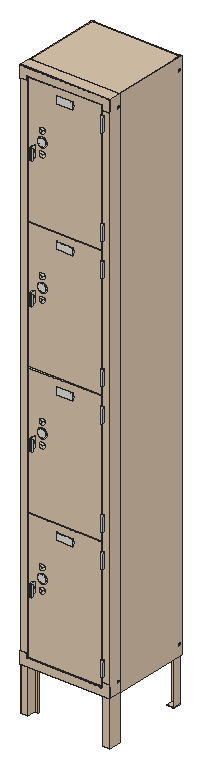
Revit family "Metal_Vented_Lockers-Salsbury_Industries-74000_Series-1_Wide_Units", category Specialty Equipment, Revit 2016 (continued)
Definition of nested family "Metal Locker Zee Base Corner"
  Parameters (values of type "77572, 77575, 77578")
    Width = 2.000"
    Visible = yes
    Version = "1.0 (11/30/15)"
    Type Comments = "Zee Base Kit for Standard Metal Lockers - No Legs"
    Primary Structure Material = none
    Model = "n/a"
    Manufacturer = "Salsbury Industries"
    Height = 3.940"
    Description = "4\" H x 6' L - for 12\" Deep Lockers (Includes 6 Foot Front Base, 2 End Bases, Corner Splicer and 4 Rear Legs)"
    Depth = 2.000"
  Types (2): name | Visible
    77572, 77575, 77578 | yes
    None | no
  Reference planes (in)
    plane 1 "Center (Front/Back)": y = 0
    plane 2 "Bottom of Component": z = 0
    plane 3 "Center (Left/Right)": x = 0
    plane 4: z = 3.94
    plane 5: x = -1
    plane 6: x = 1
    plane 7 "Front": y = -1
    plane 8 "Back": y = 1
  Forms (in)
    Extrusion 1, solid, material <- "Primary Structure Material", visible <- "Visible"
      sketch origin (0, 0, 0) x (1, 0, 0) y (0, 1, 0)
        loop
          line (-1, 1) -> (-1, 0.94) -> (0.94, 0.94) -> (0.94, -1) -> (1, -1) -> (1, 1) -> (-1, 1)
      from 0 to 3.94
  Dimensions and locks (in)
    "Height": plane 4 to plane 2 "Bottom of Component"
    equal spacing: plane 5, plane 3 "Center (Left/Right)", plane 6
    "Width": plane 5 to plane 6
    equal spacing: plane 7 "Front", plane 1 "Center (Front/Back)", plane 8 "Back"
    "Depth": plane 7 "Front" to plane 8 "Back"
    aligned and locked: plane 2 "Bottom of Component" to level
  Automatic sketch dimensions
    Extrusion 1 sketch curve to plane 5 = 0.000"
    plane 7 "Front" to Extrusion 1 sketch curve = 0.000"
    Extrusion 1 sketch curve to plane 6 = 0.000"
    plane 8 "Back" to Extrusion 1 sketch curve = 0.000"
    plane 6 to Extrusion 1 sketch curve = 0.060"
    Extrusion 1 sketch curve to Extrusion 1 sketch curve = 0.060"
Definition of nested family "Metal Locker End Panel"
  Parameters (values of type "77362 - for 6' H x 12" D Lockers")
    Width = 0.925"
    Visible = yes
    Version = "1.0 (11/30/15)"
    Type Comments = "Finished End Panel for Standard Metal Lockers"
    Primary Structure Material = none
    Model = "77362"
    MasterFormat Title = ""
    MasterFormat Number = ""
    Manufacturer = "Salsbury Industries"
    Height = 72.000"
    Description = "End Panel for 6' H x 12\" Deep Lockers"
    Depth = 12.010"
    Assembly Code = ""
  Types (7): name | Visible | Model | Height | Description | Depth
    77362 - for 6' H x 12" D Lockers | yes | "77362" | 72.000" | "End Panel for 6' H x 12\" Deep Lockers" | 12.010"
    77365 - for 6' H x 15" D Lockers | yes | "77365" | 72.000" | "End Panel for 6' H x 15\" Deep Lockers" | 15.010"
    77368 - for 6' H X 18" D Lockers | yes | "77368" | 72.000" | "End Panel for 6' H x 18\" Deep Lockers" | 18.010"
    77352 - for 5' H x 12" D Lockers | yes | "77352" | 60.000" | "End Panel for 5' H x 12\" Deep Lockers" | 12.010"
    77355 - for 5' H x 15" D Lockers | yes | "77355" | 60.000" | "End Panel for 5' H x 15\" Deep Lockers" | 15.010"
    77358 - for 5' H x 18" D Lockers | yes | "77358" | 60.000" | "End Panel for 5' H x 18\" Deep Lockers" | 18.010"
    None | no | "n/a" | 72.000" | "" | 12.010"
  Reference planes (in)
    plane 1 "Center (Front/Back)": y = -2.167
    plane 2: z = 0
    plane 3 "Center (Left/Right)": x = -4.595
    plane 4 "Bottom of Panel": z = 0
    plane 5 "Top of Panel": z = 72
    plane 6 "Front of Panel": y = -8.172
    plane 7 "Right Side of Enclosure": x = -4.1325
    plane 8 "Left Side of Enclosure": x = -5.0575
    plane 9 "Back of Panel": y = 3.838
    plane 10: z = 36
    plane 11: z = 70.283
    plane 12: z = 1.717
    plane 13 "Outside Edge of Front Flap": y = -8.23214
    plane 14 "Outside Edge of Back Flap": y = 3.898
  Forms (in)
    Extrusion 1, solid, material <- "Primary Structure Material", visible <- "Visible"
      sketch origin (-4.1325, 0.48244, 0) x (0, 0, -1) y (0, -1, 0)
        loop
          line (-72, 8.71458) -> (-72, -3.41556) -> (0, -3.41556) -> (0, 8.71458) -> (-72, 8.71458)
      from 0 to -0.06
    Extrusion 2, solid, material <- "Primary Structure Material", visible <- "Visible"
      sketch origin (0, 3.838, 0) x (0, 0, -1) y (1, 0, 0)
        loop
          line (-72, -5.0575) -> (0, -5.0575) -> (0, -4.1325) -> (-72, -4.1325) -> (-72, -5.0575)
      from 0 to -0.06
    Extrusion 3, solid, material <- "Primary Structure Material", visible <- "Visible"
      sketch origin (0, -8.172, 0) x (1, 0, 0) y (0, 0, 1)
        loop
          line (-5.0575, 70.283) -> (-5.0575, 1.717) -> (-4.1325, 1.717) -> (-4.1325, 70.283) -> (-5.0575, 70.283)
      from 0.06014 to 0
  Dimensions and locks (in)
    equal spacing: plane 6 "Front of Panel", plane 1 "Center (Front/Back)", plane 9 "Back of Panel"
    "Depth": plane 6 "Front of Panel" to plane 9 "Back of Panel"
    equal spacing: plane 8 "Left Side of Enclosure", plane 3 "Center (Left/Right)", plane 7 "Right Side of Enclosure"
    "Width": plane 8 "Left Side of Enclosure" to plane 7 "Right Side of Enclosure"
    equal spacing: plane 5 "Top of Panel", plane 10, plane 2
    "Height": plane 5 "Top of Panel" to plane 2
    locked: plane 5 "Top of Panel" to plane 11 at 1.717
    locked: plane 13 "Outside Edge of Front Flap" to plane 6 "Front of Panel" at 0.06014
    locked: plane 9 "Back of Panel" to plane 14 "Outside Edge of Back Flap" at 0.06
    aligned and locked: level to plane 2
    aligned and locked: plane 5 "Top of Panel" to Extrusion 1 sketch curve
    aligned and locked: plane 5 "Top of Panel" to Extrusion 2 sketch curve
    aligned and locked: Extrusion 2 to plane 9 "Back of Panel"
    aligned and locked: plane 11 to Extrusion 3 sketch curve
    aligned and locked: plane 6 "Front of Panel" to Extrusion 3
    aligned and locked: plane 14 "Outside Edge of Back Flap" to Extrusion 2
    aligned and locked: Extrusion 1 to plane 14 "Outside Edge of Back Flap"
    aligned and locked: plane 13 "Outside Edge of Front Flap" to Extrusion 3
    aligned and locked: Extrusion 2 to plane 7 "Right Side of Enclosure"
    aligned and locked: Extrusion 3 to plane 7 "Right Side of Enclosure"
  Automatic sketch dimensions
    Extrusion 1 sketch curve to level = 0.000"
    Extrusion 2 sketch curve to level = 0.000"
    plane 8 "Left Side of Enclosure" to Extrusion 2 sketch curve = 0.000"
    plane 7 "Right Side of Enclosure" to Extrusion 2 sketch curve = 0.000"
    plane 8 "Left Side of Enclosure" to Extrusion 3 sketch curve = 0.000"
    Extrusion 3 sketch curve to plane 12 = 0.000"
    plane 7 "Right Side of Enclosure" to Extrusion 3 sketch curve = 0.000"
    Extrusion 1 sketch curve to plane 14 "Outside Edge of Back Flap" = 0.000"
    plane 6 "Front of Panel" to Extrusion 1 sketch curve = 0.06014"
Definition of nested family "Metal Locker Front Filler"
  Parameters (values of type "77869 - for 6' H Lockers (Zee Base or No Legs)")
    Width = 9.000"
    Visible = yes
    Version = "1.0 (11/30/15)"
    Type Comments = "Vertical Front Filler for Standard Metal Lockers"
    Primary Structure Material = none
    Model = "77865"
    MasterFormat Title = ""
    MasterFormat Number = ""
    Manufacturer = "Salsbury Industries"
    Height = 72.000"
    Description = "9\" W Vertical Front Filler for 6' H Lockers"
    Depth = 1.500"
    Assembly Code = ""
  Types (9): name | Width | Visible | Model | Height | Description | Depth
    77865 - for 6' H Lockers with Legs | 15.000" | yes | "77865" | 78.000" | "15\" W Vertical Front Filler for 6' H Lockers" | 1.000"
    77869 - for 6' H Lockers with Legs | 9.000" | yes | "77865" | 78.000" | "9\" W Vertical Front Filler for 6' H Lockers" | 1.000"
    77855 - for 5' H Lockers with Legs | 15.000" | yes | "77855" | 66.000" | "15\" W Vertical Front Filler for 5' H Lockers" | 1.000"
    77859 - for 5' H Lockers with Legs | 9.000" | yes | "77859" | 66.000" | "9\" W Vertical Front Filler for 5' H Lockers" | 1.000"
    None | 15.000" | no | "n/a" | 78.000" | "" | 1.500"
    77865 - for 6' H Lockers (Zee Base or No Legs) | 15.000" | yes | "77865" | 72.000" | "15\" W Vertical Front Filler for 6' H Lockers" | 1.000"
    77869 - for 6' H Lockers (Zee Base or No Legs) | 9.000" | yes | "77865" | 72.000" | "9\" W Vertical Front Filler for 6' H Lockers" | 1.500"
    77859 - for 5' H Lockers (Zee Base or No Legs) | 9.000" | yes | "77859" | 60.000" | "9\" W Vertical Front Filler for 5' H Lockers" | 1.000"
    77855 - for 5' H Lockers (Zee Base or No Legs) | 15.000" | yes | "77855" | 60.000" | "15\" W Vertical Front Filler for 5' H Lockers" | 1.000"
  Reference planes (in)
    plane 1 "Center (Front/Back)": y = -2.167
    plane 2: z = 0
    plane 3 "Center (Left/Right)": x = -4.595
    plane 4 "Bottom of Filler": z = 0
    plane 5 "Top of Panel": z = 72
    plane 6 "Front of Filler": y = -2.917
    plane 7 "Right Side of Filler": x = -0.095
    plane 8 "Left Side of Filler": x = -9.095
    plane 9 "Back of Filler": y = -1.417
    plane 10: z = 36
  Forms (in)
    Extrusion 1, solid, material <- "Primary Structure Material", visible <- "Visible"
      sketch origin (0, 0, 0) x (0, -1, 0) y (1, 0, 0)
        loop
          line (1.417, -9.095) -> (2.917, -9.095) -> (2.917, -1.095) -> (2.869, -1.095) -> (2.869, -9.047) -> (1.417, -9.047) -> (1.417, -9.095)
      from 0 to 72
    Extrusion 2, solid, material <- "Primary Structure Material", visible <- "Visible"
      sketch origin (0, -0.20425, 0) x (0, -1, 0) y (1, 0, 0)
        loop
          line (1.30875, -0.095) -> (1.30875, -0.143) -> (2.76075, -0.143) -> (2.76075, -1.595) -> (2.80875, -1.595) -> (2.80875, -0.095) -> (1.30875, -0.095)
      from 0 to 72
    Extrusion 3, solid, material <- "Primary Structure Material", visible <- "Visible"
      sketch origin (0, 0.10825, 0) x (0, -1, 0) y (1, 0, 0)
        loop
          line (3.07325, -1.595) -> (3.07325, -0.82524) -> (3.02525, -0.82524) -> (3.02525, -1.376) -> (3.02525, -1.449) -> (3.02525, -1.522) -> (3.02525, -1.595) -> (3.07325, -1.595)
      from 0 to 72
    Extrusion 4, solid, material <- "Primary Structure Material", visible <- "Visible"
      sketch origin (0, 0, 0) x (0, -1, 0) y (1, 0, 0)
        loop
          line (2.917, -0.82524) -> (2.821, -0.82524) -> (2.821, -1.80024) -> (2.869, -1.80024) -> (2.869, -0.87324) -> (2.917, -0.87324) -> (2.917, -0.82524)
      from 0 to 72
  Dimensions and locks (in)
    equal spacing: plane 6 "Front of Filler", plane 1 "Center (Front/Back)", plane 9 "Back of Filler"
    "Depth": plane 6 "Front of Filler" to plane 9 "Back of Filler"
    equal spacing: plane 8 "Left Side of Filler", plane 3 "Center (Left/Right)", plane 7 "Right Side of Filler"
    "Width": plane 8 "Left Side of Filler" to plane 7 "Right Side of Filler"
    equal spacing: plane 5 "Top of Panel", plane 10, plane 2
    "Height": plane 5 "Top of Panel" to plane 2
    aligned and locked: level to plane 2
    aligned and locked: Extrusion 1 to plane 5 "Top of Panel"
    aligned and locked: Extrusion 2 to plane 5 "Top of Panel"
    aligned and locked: Extrusion 3 to plane 5 "Top of Panel"
    aligned and locked: Extrusion 4 to plane 5 "Top of Panel"
  Automatic sketch dimensions
    plane 9 "Back of Filler" to Extrusion 1 sketch curve = 0.000"
    plane 6 "Front of Filler" to Extrusion 1 sketch curve = 0.000"
    Extrusion 1 sketch curve to plane 8 "Left Side of Filler" = 0.000"
    Extrusion 1 sketch curve to plane 6 "Front of Filler" = 0.048"
    Extrusion 1 sketch curve to Extrusion 1 sketch curve = 0.048"
    plane 7 "Right Side of Filler" to Extrusion 1 sketch curve = 1.000"
    Extrusion 2 sketch curve to plane 7 "Right Side of Filler" = 0.000"
    plane 7 "Right Side of Filler" to Extrusion 2 sketch curve = 0.048"
    plane 9 "Back of Filler" to Extrusion 2 sketch curve = 0.096"
    plane 6 "Front of Filler" to Extrusion 2 sketch curve = 0.048"
    Extrusion 2 sketch curve to Extrusion 2 sketch curve = 0.048"
    Extrusion 2 sketch curve to Extrusion 2 sketch curve = 1.452"
    plane 6 "Front of Filler" to Extrusion 3 sketch curve = 0.000"
    plane 7 "Right Side of Filler" to Extrusion 3 sketch curve = 1.500"
    Extrusion 3 sketch curve to Extrusion 3 sketch curve = 0.073"  (x3)
    Extrusion 3 sketch curve to Extrusion 3 sketch curve = 0.55076"
    Extrusion 3 sketch curve to Extrusion 3 sketch curve = 0.048"
    plane 6 "Front of Filler" to Extrusion 4 sketch curve = 0.000"
    Extrusion 4 sketch curve to plane 6 "Front of Filler" = 0.048"
    Extrusion 4 sketch curve to Extrusion 4 sketch curve = 0.048"  (x2)
    plane 7 "Right Side of Filler" to Extrusion 4 sketch curve = 1.70524"
    plane 7 "Right Side of Filler" to Extrusion 4 sketch curve = 0.77824"
Definition of nested family "Metal Locker Flat Top Filler"
  Parameters (values of type "77842 - for 12" Deep Lockers (15" W)")
    Width = 16.250"
    Visible = yes
    Version = "1.0 (11/30/15)"
    Type Comments = "Flat Top Filler for Standard Metal Lockers"
    Primary Structure Material = none
    Model = "77842"
    MasterFormat Title = ""
    MasterFormat Number = ""
    Manufacturer = "Salsbury Industries"
    Height = 1.003"
    Description = "15\"W Flat Top In-Line Filler"
    Depth = 12.118"
    Assembly Code = ""
  Types (7): name | Width | Visible | Model | Depth
    77842 - for 12" Deep Lockers (15" W) | 16.250" | yes | "77842" | 12.118"
    77842 - for 12" Deep Lockers (9" W) | 10.250" | yes | "77842" | 12.118"
    77845 - for 15" Deep Lockers (15" W) | 16.250" | yes | "77845" | 15.118"
    77845 - for 15" Deep Lockers (9" W) | 10.250" | yes | "77845" | 15.118"
    77848 - for 18" Deep Lockers (15" W) | 16.250" | yes | "77848" | 18.118"
    77848 - for 18" Deep Lockers (9" W) | 10.250" | yes | "77848" | 18.118"
    None | 16.250" | no | "" | 12.118"
  Reference planes (in)
    plane 1 "Center (Front/Back)": y = -2.167
    plane 2: z = 0
    plane 3 "Center (Left/Right)": x = -4.595
    plane 4 "Bottom of Panel": z = 0
    plane 5 "Top of Panel": z = 1.003
    plane 6 "Front of Panel": y = -8.226
    plane 7 "Right Side of Enclosure": x = 3.53
    plane 8 "Left Side of Enclosure": x = -12.72
    plane 9 "Back of Panel": y = 3.892
    plane 10: z = 0.5015
  Forms (in)
    Extrusion 1, solid, material <- "Primary Structure Material", visible <- "Visible"
      sketch origin (-4.595, 0, 0) x (0, 1, 0) y (0, 0, 1)
        loop
          line (-8.226, 0) -> (-8.178, 0) -> (-8.178, 0.955) -> (3.892, 0.955) -> (3.892, 1.003) -> (-8.226, 1.003) -> (-8.226, 0)
      from -8.125 to 8.125
  Dimensions and locks (in)
    equal spacing: plane 6 "Front of Panel", plane 1 "Center (Front/Back)", plane 9 "Back of Panel"
    "Depth": plane 6 "Front of Panel" to plane 9 "Back of Panel"
    equal spacing: plane 8 "Left Side of Enclosure", plane 3 "Center (Left/Right)", plane 7 "Right Side of Enclosure"
    "Width": plane 8 "Left Side of Enclosure" to plane 7 "Right Side of Enclosure"
    equal spacing: plane 5 "Top of Panel", plane 10, plane 2
    "Height": plane 5 "Top of Panel" to plane 2
    aligned and locked: level to plane 2
    aligned and locked: Extrusion 1 to plane 7 "Right Side of Enclosure"
    aligned and locked: plane 8 "Left Side of Enclosure" to Extrusion 1
    aligned and locked: plane 6 "Front of Panel" to Extrusion 1
    aligned and locked: Extrusion 1 to plane 9 "Back of Panel"
  Automatic sketch dimensions
    plane 5 "Top of Panel" to Extrusion 1 sketch curve = 0.000"
    Extrusion 1 sketch curve to plane 6 "Front of Panel" = 0.000"
    Extrusion 1 sketch curve to level = 0.000"
    Extrusion 1 sketch curve to plane 9 "Back of Panel" = 0.000"
    Extrusion 1 sketch curve to plane 6 "Front of Panel" = 0.048"
    plane 5 "Top of Panel" to Extrusion 1 sketch curve = 0.048"
Definition of nested family "Metal Locker Flat Corner Filler"
  Parameters (values of type "77832 - for 12" Deep Lockers")
    Width = 12.625"
    Visible = yes
    Version = "1.0 (11/30/15)"
    Type Comments = "Flat Top Corner Filler for Standard Metal Lockers"
    Primary Structure Material = none
    Model = "77832"
    MasterFormat Title = ""
    MasterFormat Number = ""
    Manufacturer = "Salsbury Industries"
    Height = 0.048"
    Description = "12\"W Flat Top Corner Filler"
    Depth = 12.625"
    Assembly Code = ""
  Types (4): name | Width | Visible | Model | Description | Depth
    77832 - for 12" Deep Lockers | 12.625" | yes | "77832" | "12\"W Flat Top Corner Filler" | 12.625"
    77835 - for 15" Deep Lockers | 15.625" | yes | "77835" | "15\"W Flat Top Corner Filler" | 15.625"
    77838 - for 18" Deep Lockers | 18.625" | yes | "77838" | "18\"W Flat Top Corner Filler" | 18.625"
    None | 12.625" | no | "" | "" | 12.625"
  Reference planes (in)
    plane 1 "Center (Front/Back)": y = -2.167
    plane 2: z = 0
    plane 3 "Center (Left/Right)": x = -4.595
    plane 4 "Bottom of Panel": z = 0
    plane 5 "Top of Panel": z = 0.048
    plane 6 "Front of Panel": y = -8.4795
    plane 7 "Right Side of Enclosure": x = 1.7175
    plane 8 "Left Side of Enclosure": x = -10.9075
    plane 9 "Back of Panel": y = 4.1455
    plane 10: z = 0.024
  Forms (in)
    Extrusion 1, solid, material <- "Primary Structure Material", visible <- "Visible"
      sketch origin (0, 0, 0) x (0, -1, 0) y (1, 0, 0)
        loop
          line (7.8545, -10.9075) -> (7.8545, -10.2825) -> (8.4795, -10.2825) -> (8.4795, 1.7175) -> (-4.1455, 1.7175) -> (-4.1455, -10.9075) -> (7.8545, -10.9075)
      from 0 to 0.048
  Dimensions and locks (in)
    equal spacing: plane 6 "Front of Panel", plane 1 "Center (Front/Back)", plane 9 "Back of Panel"
    "Depth": plane 6 "Front of Panel" to plane 9 "Back of Panel"
    equal spacing: plane 8 "Left Side of Enclosure", plane 3 "Center (Left/Right)", plane 7 "Right Side of Enclosure"
    "Width": plane 8 "Left Side of Enclosure" to plane 7 "Right Side of Enclosure"
    equal spacing: plane 5 "Top of Panel", plane 10, plane 2
    "Height": plane 5 "Top of Panel" to plane 2
    aligned and locked: level to plane 2
    aligned and locked: Extrusion 1 to plane 9 "Back of Panel"
    aligned and locked: plane 6 "Front of Panel" to Extrusion 1
    aligned and locked: Extrusion 1 to plane 7 "Right Side of Enclosure"
    aligned and locked: plane 8 "Left Side of Enclosure" to Extrusion 1
  Automatic sketch dimensions
    Extrusion 1 sketch curve to plane 8 "Left Side of Enclosure" = 0.000"
    plane 9 "Back of Panel" to Extrusion 1 sketch curve = 0.000"
    plane 6 "Front of Panel" to Extrusion 1 sketch curve = 0.000"
    Extrusion 1 sketch curve to plane 7 "Right Side of Enclosure" = 0.000"
    Extrusion 1 sketch curve to plane 8 "Left Side of Enclosure" = 0.625"
    Extrusion 1 sketch curve to plane 6 "Front of Panel" = 0.625"
Definition of nested family "Metal Locker Sloping Hood"
  Parameters (values of type "77752 - for 12" Deep Lockers (1 Wide)")
    Width = 12.040"
    Visible = yes
    Version = "1.0 (11/30/15)"
    Type Comments = "Sloping Hood for Standard Metal Lockers"
    Slope Angle = 28.761°
    Primary Structure Material = none
    Model = "77752"
    MasterFormat Title = ""
    MasterFormat Number = ""
    Manufacturer = "Salsbury Industries"
    Height = 6.625"
    Dividing Lines = no
    Description = "12\" Deep for up to (3) 12\" Wide Lockers"
    Depth = 12.070"
    Assembly Code = ""
  Types (12): name | Width | Visible | Slope Angle | Model | Height | Dividing Lines | Description | Depth
    77752 - for 12" Deep Lockers (1 Wide) | 12.040" | yes | 28.761° | "77752" | 6.625" | no | "12\" Deep for up to (3) 12\" Wide Lockers" | 12.070"
    77752 - for 12" Deep Lockers (3 Wide) | 36.040" | yes | 28.761° | "77752" | 6.625" | yes | "12\" Deep for up to (3) 12\" Wide Lockers" | 12.070"
    77755 - for 15" Deep Lockers (1 Wide) | 12.040" | yes | 29.946° | "77755" | 8.682" | no | "15\" Deep for up to (3) 12\" Wide Lockers" | 15.070"
    77755 - for 15" Deep Lockers (3 Wide) | 36.040" | yes | 29.946° | "77755" | 8.628" | yes | "15\" Deep for up to (3) 12\" Wide Lockers" | 15.070"
    77758 - for 18" Deep Lockers (1 Wide) | 12.040" | yes | 30.723° | "77758" | 10.739" | no | "18\" Deep for up to (3) 12\" Wide Lockers" | 18.070"
    77758 - for 18" Deep Lockers (3 Wide) | 36.040" | yes | 30.723° | "77758" | 10.739" | yes | "18\" Deep for up to (3) 12\" Wide Lockers" | 18.070"
    None | 12.000" | no | 28.761° | "" | 6.625" | no | "" | 12.070"
    77765 - for 15" Deep Lockers (1 Wide) | 15.040" | yes | 29.946° | "77752" | 6.625" | no | "12\" Deep for up to (3) 12\" Wide Lockers" | 15.070"
    77768 - for 18" Deep Lockers (1 Wide) | 15.040" | yes | 30.723° | "77752" | 6.625" | no | "12\" Deep for up to (3) 12\" Wide Lockers" | 18.070"
    77765 - for 15" Deep Lockers (3 Wide) | 45.040" | yes | 29.946° | "77752" | 6.625" | yes | "12\" Deep for up to (3) 12\" Wide Lockers" | 15.070"
    77768 - for 18" Deep Lockers (3 Wide) | 45.040" | yes | 30.723° | "77752" | 6.625" | yes | "12\" Deep for up to (3) 12\" Wide Lockers" | 18.070"
    77759 - for 18" Deep Bridge Lockers | 72.040" | yes | 30.723° | "77752" | 6.625" | no | "12\" Deep for up to (3) 12\" Wide Lockers" | 18.070"
  Reference planes (in)
    plane 1 "Center (Front/Back)": y = -2.167
    plane 2: z = 0
    plane 3 "Center (Left/Right)": x = -4.595
    plane 4 "Bottom of Panel": z = 0
    plane 5 "Top of Panel": z = 6.625
    plane 6 "Front of Panel": y = -8.202
    plane 7 "Right Side of Enclosure": x = 1.425
    plane 8 "Left Side of Enclosure": x = -10.615
    plane 9 "Back of Panel": y = 3.868
    plane 10: z = 3.3125
    plane 11: through (0, -7.81601, 0.21186) normal (0, -0.4812, 0.8766)
    plane 12: through (0, -7.94397, 0.10626) normal (0, -0.4812, 0.8766)
    plane 13: y = 3.837
    plane 14: y = 3.806
    plane 15: y = 3.775
    plane 16: y = 3.37433
    plane 17 "Divider 1": x = -6.60167
    plane 18 "Divider 2": x = -2.58833
  Forms (in)
    Extrusion 1, solid, material <- "Primary Structure Material", visible <- "Visible"
      sketch origin (1.425, 0, 0) x (0, 0, -1) y (0, -1, 0)
        loop
          line (-6.62484, -3.868) -> (0, -3.868) -> (0, 8.202) -> (-6.62484, -3.868)
      from 0 to 0.031
    Extrusion 2, solid, material <- "Primary Structure Material", visible <- "Visible"
      sketch origin (1.425, 0, 0) x (0, 0, -1) y (0, -1, 0)
        loop
          line (0, -3.868) -> (0, -3.837) -> (-6.60783, -3.837) -> (-6.62484, -3.868) -> (0, -3.868)
      from 0.03098 to 0.40598
    Extrusion 3, solid, material <- "Primary Structure Material", visible <- "Visible"
      sketch origin (1.425, 0, 0) x (0, 0, -1) y (0, -1, 0)
        loop
          line (0, -3.837) -> (0, 8.13757) -> (-0.031, 8.08109) -> (-0.031, -3.837) -> (0, -3.837)
      from 0.031 to 0.80198
    Extrusion 4, solid, material <- "Primary Structure Material", visible <- "Visible"
      sketch origin (-10.615, 0, 0) x (0, 0, -1) y (0, -1, 0)
        loop
          line (-6.62484, -3.868) -> (0, -3.868) -> (0, 8.202) -> (-6.62484, -3.868)
      from 0 to -0.031
    Extrusion 5, solid, material <- "Primary Structure Material", visible <- "Visible"
      sketch origin (-10.615, 0, 0) x (0, 0, -1) y (0, -1, 0)
        loop
          line (0, -3.868) -> (0, -3.837) -> (-6.60783, -3.837) -> (-6.62484, -3.868) -> (0, -3.868)
      from -0.031 to -0.406
    Extrusion 6, solid, material <- "Primary Structure Material", visible <- "Visible"
      sketch origin (-10.615, 0, 0) x (0, 0, -1) y (0, -1, 0)
        loop
          line (0, -3.837) -> (0, 8.13757) -> (-0.031, 8.08109) -> (-0.031, -3.837) -> (0, -3.837)
      from -0.031 to -0.802
    Extrusion 7, solid, material <- "Primary Structure Material", visible <- "Visible"
      sketch origin (-4.595, 0, 0) x (0, 1, 0) y (0, 0, 1)
        loop
          line (3.837, 6.60783) -> (-8.202, 0) -> (-7.84238, 0) -> (-7.84238, 0.031) -> (-8.08109, 0.031) -> (3.806, 6.55545) -> (3.806, 6.21809) -> (3.837, 6.21809) -> (3.837, 6.60783)
      from -5.989 to 5.989
    Extrusion 8, solid, material <- "Primary Structure Material", visible <- "Visible"
      sketch origin (-4.595, -0.031, 0) x (0, 1, 0) y (0, 0, 1)
        loop
          line (3.837, 0.031) -> (3.837, 6.55545) -> (3.806, 6.53844) -> (3.806, 0.031) -> (3.837, 0.031)
      from -5.989 to 5.989
    Extrusion 9, solid, material <- "Primary Structure Material", visible <- "Visible"
      sketch origin (0, -0.031, 0) x (0, -1, 0) y (1, 0, 0)
        loop
          line (-3.806, -9.75653) -> (-3.40533, -9.75653) -> (-3.40533, 0.56919) -> (-3.806, 0.56919) -> (-3.806, -9.75653)
      from 0.031 to 0.06464
  Lines and regions (in)
    model lines, visible <- "Dividing Lines"
      curve 1: line (-6.60167, -8.21456, -0.0069) -> (-6.60167, 3.868, 6.62484)
      curve 2: line (-2.58833, -8.21456, -0.0069) -> (-2.58833, 3.868, 6.62484)
  Dimensions and locks (in)
    equal spacing: plane 6 "Front of Panel", plane 1 "Center (Front/Back)", plane 9 "Back of Panel"
    "Depth": plane 6 "Front of Panel" to plane 9 "Back of Panel"
    equal spacing: plane 8 "Left Side of Enclosure", plane 17 "Divider 1", plane 18 "Divider 2", plane 7 "Right Side of Enclosure"
    "Width": plane 8 "Left Side of Enclosure" to plane 7 "Right Side of Enclosure"
    equal spacing: plane 5 "Top of Panel", plane 10, plane 2
    "Height": plane 5 "Top of Panel" to plane 2
    locked: plane 11 to plane 12 at 0.031
    plane 16 to plane 15 to plane 14 to plane 13 to plane 9 "Back of Panel" = 0.40067", 0.031", 0.031", 0.031"
    equal spacing: plane 8 "Left Side of Enclosure", plane 3 "Center (Left/Right)", plane 7 "Right Side of Enclosure"
    "Slope Angle": angle plane 4 "Bottom of Panel" to plane 11
    aligned and locked: level to plane 2
    aligned and locked: Extrusion 1 to plane 9 "Back of Panel"
    aligned and locked: plane 4 "Bottom of Panel" to Extrusion 1
    aligned and locked: Extrusion 7 to Extrusion 1
    aligned and locked: Extrusion 7 to Extrusion 4
    aligned and locked: Extrusion 7 to Extrusion 8  (x2)
    aligned and locked: plane 11 to Extrusion 7 sketch curve
    aligned and locked: plane 12 to Extrusion 7 sketch curve
    aligned and locked: plane 12 to Extrusion 8 sketch curve
    aligned and locked: Extrusion 4 sketch curve to plane 11
    aligned and locked: Extrusion 1 sketch curve to plane 11
    aligned and locked: Extrusion 3 sketch curve to plane 12
    aligned and locked: Extrusion 6 sketch curve to plane 12
    aligned and locked: plane 13 to Extrusion 7
    aligned and locked: plane 14 to Extrusion 8
    aligned and locked: plane 15 to Extrusion 8
    aligned and locked: plane 16 to Extrusion 9
    aligned and locked: plane 13 to Extrusion 7 sketch curve
    aligned and locked: Extrusion 7 sketch curve to plane 14
    aligned and locked: plane 13 to Extrusion 2 sketch curve
    aligned and locked: plane 11 to Extrusion 2 sketch curve
    aligned and locked: plane 13 to Extrusion 5 sketch curve
    aligned and locked: plane 11 to Extrusion 5 sketch curve
    aligned and locked: curve 2 to plane 18 "Divider 2"
    aligned and locked: curve 1 to plane 17 "Divider 1"
  Automatic sketch dimensions
    Extrusion 7 sketch curve to level = 0.000"
    level to Extrusion 7 sketch curve = 0.031"
    Extrusion 7 sketch curve to Extrusion 7 sketch curve = 0.23871"
    Extrusion 7 sketch curve to Extrusion 7 sketch curve = 0.33736"
    Extrusion 1 sketch curve to plane 9 "Back of Panel" = 0.000"
    Extrusion 1 sketch curve to level = 0.000"
    Extrusion 2 sketch curve to plane 9 "Back of Panel" = 0.000"
    Extrusion 2 sketch curve to level = 0.000"
    Extrusion 3 sketch curve to plane 13 = 0.000"
    Extrusion 3 sketch curve to level = 0.000"
    level to Extrusion 3 sketch curve = 0.031"
    Extrusion 4 sketch curve to plane 9 "Back of Panel" = 0.000"
    Extrusion 4 sketch curve to level = 0.000"
    Extrusion 5 sketch curve to plane 9 "Back of Panel" = 0.000"
    Extrusion 5 sketch curve to level = 0.000"
    Extrusion 6 sketch curve to plane 13 = 0.000"
    Extrusion 6 sketch curve to level = 0.000"
    Extrusion 6 sketch curve to Extrusion 6 sketch curve = 0.031"
    Extrusion 8 sketch curve to plane 15 = 0.000"
    Extrusion 8 sketch curve to plane 14 = 0.000"
    level to Extrusion 8 sketch curve = 0.031"
    plane 15 to Extrusion 9 sketch curve = 0.000"
    plane 16 to Extrusion 9 sketch curve = 0.000"
    Extrusion 9 sketch curve to plane 8 "Left Side of Enclosure" = 0.85847"
    plane 7 "Right Side of Enclosure" to Extrusion 9 sketch curve = 0.85581"
    curve 1 to plane 9 "Back of Panel" = 0.000"
    plane 11 to curve 1 = 0.000"
    curve 1 to plane 11 = 0.000"
    curve 1 to level = 0.0069"
    curve 2 to plane 9 "Back of Panel" = 0.000"
    plane 11 to curve 2 = 0.000"
    curve 2 to plane 11 = 0.000"
    curve 2 to level = 0.0069"
Definition of nested family "Metal Locker Sloping Top Filler"
  Parameters (values of type "77882 - for 12" Deep Lockers (15" W)")
    Width = 16.250"
    Visible = yes
    Version = "1.0 (11/30/15)"
    Type Comments = "Sloping Hood In-Line Filler for Standard Metal Lockers"
    Slope Angle = 28.761°
    Primary Structure Material = none
    Model = "77882"
    MasterFormat Title = ""
    MasterFormat Number = ""
    Manufacturer = "Salsbury Industries"
    Height = 1.003"
    Description = "15\"W Sloping Hood In-Line Filler"
    Depth = 12.118"
    Assembly Code = ""
  Types (7): name | Width | Visible | Type Comments | Slope Angle | Model | Description | Depth
    77882 - for 12" Deep Lockers (15" W) | 16.250" | yes | "Sloping Hood In-Line Filler for Standard Metal Lockers" | 28.761° | "77882" | "15\"W Sloping Hood In-Line Filler" | 12.118"
    77882 - for 12" Deep Lockers (9" W) | 10.250" | yes | "Sloping Hood In-Line Filler for Standard Metal Lockers" | 28.761° | "77882" | "15\"W Sloping Hood In-Line Filler" | 12.118"
    77885 - for 15" Deep Lockers (15" W) | 16.250" | yes | "Sloping Hood In-Line Filler for Standard Metal Lockers" | 29.946° | "77885" | "15\"W Sloping Hood In-Line Filler" | 15.118"
    77885 - for 15" Deep Lockers (9" W) | 10.250" | yes | "Sloping Hood In-Line Filler for Standard Metal Lockers" | 29.946° | "77885" | "15\"W Sloping Hood In-Line Filler" | 15.118"
    77888 - for 18" Deep Lockers (15" W) | 16.250" | yes | "Sloping Hood In-Line Filler for Standard Metal Lockers" | 30.723° | "77888" | "15\"W Sloping Hood In-Line Filler" | 18.118"
    77888 - for 18" Deep Lockers (9" W) | 10.250" | yes | "Sloping Hood In-Line Filler for Standard Metal Lockers" | 30.723° | "77888" | "15\"W Sloping Hood In-Line Filler" | 18.118"
    None | 16.250" | no | "Sloping Hood for Standard Metal Lockers" | 28.761° | "" | "" | 12.118"
  Reference planes (in)
    plane 1 "Center (Front/Back)": y = -2.167
    plane 2: z = 0
    plane 3 "Center (Left/Right)": x = -4.595
    plane 4 "Bottom of Panel": z = 0
    plane 5 "Top of Panel": z = 1.003
    plane 6 "Front of Panel": y = -8.226
    plane 7 "Right Side of Enclosure": x = 3.53
    plane 8 "Left Side of Enclosure": x = -12.72
    plane 9 "Back of Panel": y = 3.892
    plane 10: z = 0.5015
    plane 11: through (0, -7.6072, 0.33964) normal (0, -0.4812, 0.8766)
    plane 12: through (0, -7.72698, 0.21914) normal (0, -0.4812, 0.8766)
  Forms (in)
    Extrusion 1, solid, material <- "Primary Structure Material", visible <- "Visible"
      sketch origin (-4.595, 0, 0) x (0, 1, 0) y (0, 0, 1)
        loop
          line (3.892, 6.65119) -> (-8.226, 0) -> (-8.226, -1.028) -> (-8.178, -1.028) -> (-8.178, -0.02841) -> (3.892, 6.59643) -> (3.892, 6.65119)
      from -8.125 to 8.125
  Dimensions and locks (in)
    equal spacing: plane 6 "Front of Panel", plane 1 "Center (Front/Back)", plane 9 "Back of Panel"
    "Depth": plane 6 "Front of Panel" to plane 9 "Back of Panel"
    equal spacing: plane 8 "Left Side of Enclosure", plane 3 "Center (Left/Right)", plane 7 "Right Side of Enclosure"
    "Width": plane 8 "Left Side of Enclosure" to plane 7 "Right Side of Enclosure"
    equal spacing: plane 5 "Top of Panel", plane 10, plane 2
    "Height": plane 5 "Top of Panel" to plane 2
    locked: plane 11 to plane 12 at 0.048
    "Slope Angle": angle plane 4 "Bottom of Panel" to plane 11
    aligned and locked: level to plane 2
    aligned and locked: plane 11 to Extrusion 1 sketch curve
    aligned and locked: plane 12 to Extrusion 1 sketch curve
    aligned and locked: Extrusion 1 to plane 7 "Right Side of Enclosure"
    aligned and locked: plane 8 "Left Side of Enclosure" to Extrusion 1
  Automatic sketch dimensions
    Extrusion 1 sketch curve to plane 6 "Front of Panel" = 0.000"
    Extrusion 1 sketch curve to Extrusion 1 sketch curve = 0.99959"
    Extrusion 1 sketch curve to level = 0.02841"
    Extrusion 1 sketch curve to plane 9 "Back of Panel" = 0.000"
Definition of nested family "Metal Locker Sloping Corner Filler"
  Parameters (values of type "77872 - for 12" Deep Lockers")
    Width = 12.695"
    Visible = yes
    Version = "1.0 (11/30/15)"
    Type Comments = "Sloping Hood Corner Filler for Standard Metal Lockers"
    Slope Angle 2 = 28.761°
    Slope Angle 1 = 28.761°
    Primary Structure Material = none
    Model = "77872"
    MasterFormat Title = ""
    MasterFormat Number = ""
    Manufacturer = "Salsbury Industries"
    Height = 6.87897"
    Description = "12\"D Sloping Hood Corner Filler"
    Depth = 12.695"
    Assembly Code = ""
  Types (4): name | Width | Visible | Slope Angle 2 | Slope Angle 1 | Model | Description | Depth
    77872 - for 12" Deep Lockers | 12.695" | yes | 28.761° | 28.761° | "77872" | "12\"D Sloping Hood Corner Filler" | 12.695"
    77875 - for 15" Deep Lockers | 15.695" | yes | 29.946° | 29.946° | "77875" | "15\"D Sloping Hood Corner Filler" | 15.695"
    77878 - for 18" Deep Lockers | 18.695" | yes | 30.723° | 30.723° | "77878" | "18\"D Sloping Hood Corner Filler" | 18.695"
    None | 12.695" | no | 28.723° | 28.723° | "" | "" | 12.695"
  Reference planes (in)
    plane 1 "Center (Front/Back)": y = -2.167
    plane 2: z = 0
    plane 3 "Center (Left/Right)": x = -4.595
    plane 4 "Bottom of Panel": z = 0
    plane 5 "Top of Panel": z = 6.87897
    plane 6 "Front of Panel": y = -8.5145
    plane 7 "Right Side of Enclosure": x = 1.7525
    plane 8 "Left Side of Enclosure": x = -10.9425
    plane 9 "Back of Panel": y = 4.1805
    plane 10 "Center Top/Bottom": z = 3.43948
    plane 11 "Slope 1": through (0, -7.42276, 0.59922) normal (0, -0.4812, 0.8766)
    plane 12: through (0, -7.54254, 0.47872) normal (0, -0.4812, 0.8766)
    plane 13 "Diagonal Plane": through (-10.86131, 4.09969, 48) normal (0.7071, 0.7071, 0)
    plane 14 "Cutout Plane 1": y = -7.8895
    plane 15 "Cutout Plane 2": x = 1.1275
    plane 16 "Slope 2": through (1.43902, -180, 0.17206) normal (-0.4812, 0, -0.8766)
    plane 17: through (5.04554, -180, -1.86199) normal (-0.4812, 0, -0.8766)
  Forms (in)
    Extrusion 1, solid, material <- "Primary Structure Material", visible <- "Visible"
      sketch origin (-4.595, 0, 0) x (0, 1, 0) y (0, 0, 1)
        loop
          line (-7.8895, 0.28829) -> (4.1805, 6.91313) -> (4.1805, 6.96789) -> (-7.8895, 0.34304) -> (-7.8895, 0.28829)
      from -6.3475 to 6.3475
    Extrusion 2, void
      sketch origin (0, 0, 3.43948) x (1, 0, 0) y (0, 1, 0)
        loop
          line (1.75288, -8.5145) -> (-10.9425, 4.18088) -> (-10.9425, -8.5145) -> (1.75288, -8.5145)
      from -3.43948 to 8.2673
    Extrusion 3, solid, material <- "Primary Structure Material", visible <- "Visible"
      sketch origin (0, -2.167, 0) x (1, 0, 0) y (0, 0, 1)
        loop
          line (1.1275, 0.2885) -> (1.1275, 0.34304) -> (-10.9425, 6.96789) -> (-10.9425, 6.91334) -> (1.1275, 0.2885)
      from -6.3475 to 6.3475
    Extrusion 4, void
      sketch origin (-4.595, 0, 0) x (0, 1, 0) y (0, 0, 1)
        loop
          line (4.1805, 0) -> (4.1805, 6.91313) -> (-8.41474, 0) -> (4.1805, 0)
      from -6.3475 to 6.3475
    Extrusion 5, solid, not visible
      sketch origin (1.1275, 0, 0) x (0, -1, 0) y (0, 0, 1)
        loop
          line (8.60982, 0.2885) -> (7.8895, 0.2885) -> (7.8895, 0) -> (8.60982, 0) -> (8.60982, 0.2885)
      from -0.72026 to 0
  Cuts and joins
    Extrusion 2, Extrusion 4 cuts Extrusion 1
    Extrusion 4 cuts Extrusion 3
  Dimensions and locks (in)
    equal spacing: plane 6 "Front of Panel", plane 1 "Center (Front/Back)", plane 9 "Back of Panel"
    "Depth": plane 6 "Front of Panel" to plane 9 "Back of Panel"
    equal spacing: plane 8 "Left Side of Enclosure", plane 3 "Center (Left/Right)", plane 7 "Right Side of Enclosure"
    "Width": plane 8 "Left Side of Enclosure" to plane 7 "Right Side of Enclosure"
    equal spacing: plane 5 "Top of Panel", plane 10 "Center Top/Bottom", plane 2
    "Height": plane 5 "Top of Panel" to plane 2
    locked: plane 11 "Slope 1" to plane 12 at 0.048
    locked: plane 15 "Cutout Plane 2" to plane 7 "Right Side of Enclosure" at 0.625
    locked: plane 6 "Front of Panel" to plane 14 "Cutout Plane 1" at 0.625
    locked: plane 17 to plane 16 "Slope 2" at 0.04782
    "Slope Angle 1": angle plane 4 "Bottom of Panel" to plane 11 "Slope 1"
    "Slope Angle 2": angle plane 16 "Slope 2" to plane 4 "Bottom of Panel"
    aligned and locked: level to plane 2
    aligned and locked: Extrusion 1 sketch curve to plane 14 "Cutout Plane 1"
    aligned and locked: plane 9 "Back of Panel" to Extrusion 1 sketch curve
    aligned and locked: Extrusion 1 sketch curve to plane 11 "Slope 1"
    aligned and locked: plane 12 to Extrusion 1 sketch curve
    aligned and locked: plane 8 "Left Side of Enclosure" to Extrusion 1
    aligned and locked: Extrusion 1 to plane 7 "Right Side of Enclosure"
    aligned and locked: plane 6 "Front of Panel" to Extrusion 2 sketch curve
    aligned and locked: plane 8 "Left Side of Enclosure" to Extrusion 2 sketch curve
    aligned and locked: plane 13 "Diagonal Plane" to Extrusion 2 sketch curve
    aligned and locked: plane 4 "Bottom of Panel" to cut or joined group of Extrusion 1, Extrusion 2, Extrusion 4
    aligned and locked: Extrusion 4 sketch curve to level
    aligned and locked: Extrusion 4 sketch curve to plane 9 "Back of Panel"
    aligned and locked: plane 12 to Extrusion 4 sketch curve
    aligned and locked: Extrusion 4 to plane 7 "Right Side of Enclosure"
    aligned and locked: plane 8 "Left Side of Enclosure" to Extrusion 4
    aligned and locked: cut or joined group of Extrusion 3, Extrusion 4 to plane 15 "Cutout Plane 2"
    aligned and locked: plane 6 "Front of Panel" to cut or joined group of Extrusion 3, Extrusion 4
    aligned and locked: cut or joined group of Extrusion 3, Extrusion 4 to plane 9 "Back of Panel"
    aligned and locked: Extrusion 3 sketch curve to plane 15 "Cutout Plane 2"
    aligned and locked: Extrusion 3 sketch curve to plane 16 "Slope 2"
    aligned and locked: plane 8 "Left Side of Enclosure" to Extrusion 3 sketch curve
    aligned and locked: plane 17 to Extrusion 3 sketch curve
  Automatic sketch dimensions
    Extrusion 5 sketch curve to plane 14 "Cutout Plane 1" = 0.000"
    Extrusion 5 sketch curve to level = 0.000"
    plane 6 "Front of Panel" to Extrusion 5 sketch curve = 0.09532"
    Extrusion 5 sketch curve to Extrusion 5 sketch curve = 0.2885"
Definition of nested family "Vents"
  Parameters (values of type "6 foot high vents")
    Vent Count for 6' high Lockers = 36
  Types (3): name | Vent Count for 6' high Lockers
    (no name) | 36
    6 foot high vents | 36
    5 foot high vents | 29
  Reference planes (in)
    plane 1 "Center (Front/Back)": y = 0
    plane 2: z = 0
    plane 3 "Center (Left/Right)": x = 0
  Lines and regions (in)
    model lines
      curve 1: spline (-0.12218, 0, 66.35929) -> (-0.10447, 0, 66.33016) -> (-0.08514, 0, 66.30573) -> (-0.06447, 0, 66.28637) -> (-0.04279, 0, 66.27239) -> (-0.02043, 0, 66.26399) -> (0.00227, 0, 66.26132) -> (0.02496, 0, 66.2644) -> (0.04728, 0, 66.27319) -> (0.0689, 0, 66.28755) -> (0.08949, 0, 66.30727) -> (0.10872, 0, 66.33205) -> (0.1263, 0, 66.36149)
      curve 2: line (-0.12218, 0, 66.35929) -> (-0.3738, 0, 67.01138)
      curve 3: line (0.1263, 0, 66.36149) -> (0.37669, 0, 67.01065)
      curve 4: spline (-0.12232, 0, 67.66311) -> (-0.1046, 0, 67.6924) -> (-0.08525, 0, 67.71698) -> (-0.06455, 0, 67.73644) -> (-0.04284, 0, 67.7505) -> (-0.02044, 0, 67.75894) -> (0.00229, 0, 67.76163) -> (0.02501, 0, 67.75853) -> (0.04737, 0, 67.74968) -> (0.06902, 0, 67.73522) -> (0.08963, 0, 67.71538) -> (0.10888, 0, 67.69045) -> (0.12647, 0, 67.66083)
      curve 5: line (-0.12232, 0, 67.66311) -> (-0.3738, 0, 67.01138)
      curve 6: line (0.12647, 0, 67.66083) -> (0.37669, 0, 67.01065)
      curve 7: spline (-0.12218, 0, 64.62229) -> (-0.10447, 0, 64.59316) -> (-0.08514, 0, 64.56873) -> (-0.06447, 0, 64.54937) -> (-0.04279, 0, 64.53539) -> (-0.02043, 0, 64.52699) -> (0.00227, 0, 64.52432) -> (0.02496, 0, 64.5274) -> (0.04728, 0, 64.53619) -> (0.0689, 0, 64.55055) -> (0.08949, 0, 64.57027) -> (0.10872, 0, 64.59505) -> (0.1263, 0, 64.62449)
      curve 8: line (-0.12218, 0, 64.62229) -> (-0.3738, 0, 65.27438)
      curve 9: line (0.1263, 0, 64.62449) -> (0.37669, 0, 65.27365)
      curve 10: spline (-0.12232, 0, 65.92611) -> (-0.1046, 0, 65.9554) -> (-0.08525, 0, 65.97998) -> (-0.06455, 0, 65.99944) -> (-0.04284, 0, 66.0135) -> (-0.02044, 0, 66.02194) -> (0.00229, 0, 66.02463) -> (0.02501, 0, 66.02153) -> (0.04737, 0, 66.01268) -> (0.06902, 0, 65.99822) -> (0.08963, 0, 65.97838) -> (0.10888, 0, 65.95345) -> (0.12647, 0, 65.92383)
      curve 11: line (-0.12232, 0, 65.92611) -> (-0.3738, 0, 65.27438)
      curve 12: line (0.12647, 0, 65.92383) -> (0.37669, 0, 65.27365)
      curve 13: spline (-0.12218, 0, 62.88529) -> (-0.10447, 0, 62.85616) -> (-0.08514, 0, 62.83173) -> (-0.06447, 0, 62.81237) -> (-0.04279, 0, 62.79839) -> (-0.02043, 0, 62.78999) -> (0.00227, 0, 62.78732) -> (0.02496, 0, 62.7904) -> (0.04728, 0, 62.79919) -> (0.0689, 0, 62.81355) -> (0.08949, 0, 62.83327) -> (0.10872, 0, 62.85805) -> (0.1263, 0, 62.88749)
      curve 14: line (-0.12218, 0, 62.88529) -> (-0.3738, 0, 63.53738)
      curve 15: line (0.1263, 0, 62.88749) -> (0.37669, 0, 63.53665)
      curve 16: spline (-0.12232, 0, 64.18911) -> (-0.1046, 0, 64.2184) -> (-0.08525, 0, 64.24298) -> (-0.06455, 0, 64.26244) -> (-0.04284, 0, 64.2765) -> (-0.02044, 0, 64.28494) -> (0.00229, 0, 64.28763) -> (0.02501, 0, 64.28453) -> (0.04737, 0, 64.27568) -> (0.06902, 0, 64.26122) -> (0.08963, 0, 64.24138) -> (0.10888, 0, 64.21645) -> (0.12647, 0, 64.18683)
      curve 17: line (-0.12232, 0, 64.18911) -> (-0.3738, 0, 63.53738)
      curve 18: line (0.12647, 0, 64.18683) -> (0.37669, 0, 63.53665)
      curve 19: spline (-0.12218, 0, 61.14829) -> (-0.10447, 0, 61.11916) -> (-0.08514, 0, 61.09473) -> (-0.06447, 0, 61.07537) -> (-0.04279, 0, 61.06139) -> (-0.02043, 0, 61.05299) -> (0.00227, 0, 61.05032) -> (0.02496, 0, 61.0534) -> (0.04728, 0, 61.06219) -> (0.0689, 0, 61.07655) -> (0.08949, 0, 61.09627) -> (0.10872, 0, 61.12105) -> (0.1263, 0, 61.15049)
      curve 20: line (-0.12218, 0, 61.14829) -> (-0.3738, 0, 61.80038)
      curve 21: line (0.1263, 0, 61.15049) -> (0.37669, 0, 61.79965)
      curve 22: spline (-0.12232, 0, 62.45211) -> (-0.1046, 0, 62.4814) -> (-0.08525, 0, 62.50598) -> (-0.06455, 0, 62.52544) -> (-0.04284, 0, 62.5395) -> (-0.02044, 0, 62.54794) -> (0.00229, 0, 62.55063) -> (0.02501, 0, 62.54753) -> (0.04737, 0, 62.53868) -> (0.06902, 0, 62.52422) -> (0.08963, 0, 62.50438) -> (0.10888, 0, 62.47945) -> (0.12647, 0, 62.44983)
      curve 23: line (-0.12232, 0, 62.45211) -> (-0.3738, 0, 61.80038)
      curve 24: line (0.12647, 0, 62.44983) -> (0.37669, 0, 61.79965)
      curve 25: spline (-0.12218, 0, 59.41129) -> (-0.10447, 0, 59.38216) -> (-0.08514, 0, 59.35773) -> (-0.06447, 0, 59.33837) -> (-0.04279, 0, 59.32439) -> (-0.02043, 0, 59.31599) -> (0.00227, 0, 59.31332) -> (0.02496, 0, 59.3164) -> (0.04728, 0, 59.32519) -> (0.0689, 0, 59.33955) -> (0.08949, 0, 59.35927) -> (0.10872, 0, 59.38405) -> (0.1263, 0, 59.41349)
      curve 26: line (-0.12218, 0, 59.41129) -> (-0.3738, 0, 60.06338)
      curve 27: line (0.1263, 0, 59.41349) -> (0.37669, 0, 60.06265)
      curve 28: spline (-0.12232, 0, 60.71511) -> (-0.1046, 0, 60.7444) -> (-0.08525, 0, 60.76898) -> (-0.06455, 0, 60.78844) -> (-0.04284, 0, 60.8025) -> (-0.02044, 0, 60.81094) -> (0.00229, 0, 60.81363) -> (0.02501, 0, 60.81053) -> (0.04737, 0, 60.80168) -> (0.06902, 0, 60.78722) -> (0.08963, 0, 60.76738) -> (0.10888, 0, 60.74245) -> (0.12647, 0, 60.71283)
      curve 29: line (-0.12232, 0, 60.71511) -> (-0.3738, 0, 60.06338)
      curve 30: line (0.12647, 0, 60.71283) -> (0.37669, 0, 60.06265)
      curve 31: spline (-0.12218, 0, 57.67429) -> (-0.10447, 0, 57.64516) -> (-0.08514, 0, 57.62073) -> (-0.06447, 0, 57.60137) -> (-0.04279, 0, 57.58739) -> (-0.02043, 0, 57.57899) -> (0.00227, 0, 57.57632) -> (0.02496, 0, 57.5794) -> (0.04728, 0, 57.58819) -> (0.0689, 0, 57.60255) -> (0.08949, 0, 57.62227) -> (0.10872, 0, 57.64705) -> (0.1263, 0, 57.67649)
      curve 32: line (-0.12218, 0, 57.67429) -> (-0.3738, 0, 58.32638)
      curve 33: line (0.1263, 0, 57.67649) -> (0.37669, 0, 58.32565)
      curve 34: spline (-0.12232, 0, 58.97811) -> (-0.1046, 0, 59.0074) -> (-0.08525, 0, 59.03198) -> (-0.06455, 0, 59.05144) -> (-0.04284, 0, 59.0655) -> (-0.02044, 0, 59.07394) -> (0.00229, 0, 59.07663) -> (0.02501, 0, 59.07353) -> (0.04737, 0, 59.06468) -> (0.06902, 0, 59.05022) -> (0.08963, 0, 59.03038) -> (0.10888, 0, 59.00545) -> (0.12647, 0, 58.97583)
      curve 35: line (-0.12232, 0, 58.97811) -> (-0.3738, 0, 58.32638)
      curve 36: line (0.12647, 0, 58.97583) -> (0.37669, 0, 58.32565)
      curve 37: spline (-0.12218, 0, 55.93729) -> (-0.10447, 0, 55.90816) -> (-0.08514, 0, 55.88373) -> (-0.06447, 0, 55.86437) -> (-0.04279, 0, 55.85039) -> (-0.02043, 0, 55.84199) -> (0.00227, 0, 55.83932) -> (0.02496, 0, 55.8424) -> (0.04728, 0, 55.85119) -> (0.0689, 0, 55.86555) -> (0.08949, 0, 55.88527) -> (0.10872, 0, 55.91005) -> (0.1263, 0, 55.93949)
      curve 38: line (-0.12218, 0, 55.93729) -> (-0.3738, 0, 56.58938)
      curve 39: line (0.1263, 0, 55.93949) -> (0.37669, 0, 56.58865)
      curve 40: spline (-0.12232, 0, 57.24111) -> (-0.1046, 0, 57.2704) -> (-0.08525, 0, 57.29498) -> (-0.06455, 0, 57.31444) -> (-0.04284, 0, 57.3285) -> (-0.02044, 0, 57.33694) -> (0.00229, 0, 57.33963) -> (0.02501, 0, 57.33653) -> (0.04737, 0, 57.32768) -> (0.06902, 0, 57.31322) -> (0.08963, 0, 57.29338) -> (0.10888, 0, 57.26845) -> (0.12647, 0, 57.23883)
      curve 41: line (-0.12232, 0, 57.24111) -> (-0.3738, 0, 56.58938)
      curve 42: line (0.12647, 0, 57.23883) -> (0.37669, 0, 56.58865)
      curve 43: spline (-0.12218, 0, 54.20029) -> (-0.10447, 0, 54.17116) -> (-0.08514, 0, 54.14673) -> (-0.06447, 0, 54.12737) -> (-0.04279, 0, 54.11339) -> (-0.02043, 0, 54.10499) -> (0.00227, 0, 54.10232) -> (0.02496, 0, 54.1054) -> (0.04728, 0, 54.11419) -> (0.0689, 0, 54.12855) -> (0.08949, 0, 54.14827) -> (0.10872, 0, 54.17305) -> (0.1263, 0, 54.20249)
      curve 44: line (-0.12218, 0, 54.20029) -> (-0.3738, 0, 54.85238)
      curve 45: line (0.1263, 0, 54.20249) -> (0.37669, 0, 54.85165)
      curve 46: spline (-0.12232, 0, 55.50411) -> (-0.1046, 0, 55.5334) -> (-0.08525, 0, 55.55798) -> (-0.06455, 0, 55.57744) -> (-0.04284, 0, 55.5915) -> (-0.02044, 0, 55.59994) -> (0.00229, 0, 55.60263) -> (0.02501, 0, 55.59953) -> (0.04737, 0, 55.59068) -> (0.06902, 0, 55.57622) -> (0.08963, 0, 55.55638) -> (0.10888, 0, 55.53145) -> (0.12647, 0, 55.50183)
      curve 47: line (-0.12232, 0, 55.50411) -> (-0.3738, 0, 54.85238)
      curve 48: line (0.12647, 0, 55.50183) -> (0.37669, 0, 54.85165)
      curve 49: spline (-0.12218, 0, 52.46329) -> (-0.10447, 0, 52.43416) -> (-0.08514, 0, 52.40973) -> (-0.06447, 0, 52.39037) -> (-0.04279, 0, 52.37639) -> (-0.02043, 0, 52.36799) -> (0.00227, 0, 52.36532) -> (0.02496, 0, 52.3684) -> (0.04728, 0, 52.37719) -> (0.0689, 0, 52.39155) -> (0.08949, 0, 52.41127) -> (0.10872, 0, 52.43605) -> (0.1263, 0, 52.46549)
      curve 50: line (-0.12218, 0, 52.46329) -> (-0.3738, 0, 53.11538)
      curve 51: line (0.1263, 0, 52.46549) -> (0.37669, 0, 53.11465)
      curve 52: spline (-0.12232, 0, 53.76711) -> (-0.1046, 0, 53.7964) -> (-0.08525, 0, 53.82098) -> (-0.06455, 0, 53.84044) -> (-0.04284, 0, 53.8545) -> (-0.02044, 0, 53.86294) -> (0.00229, 0, 53.86563) -> (0.02501, 0, 53.86253) -> (0.04737, 0, 53.85368) -> (0.06902, 0, 53.83922) -> (0.08963, 0, 53.81938) -> (0.10888, 0, 53.79445) -> (0.12647, 0, 53.76483)
      curve 53: line (-0.12232, 0, 53.76711) -> (-0.3738, 0, 53.11538)
      curve 54: line (0.12647, 0, 53.76483) -> (0.37669, 0, 53.11465)
      curve 55: spline (-0.12218, 0, 50.72629) -> (-0.10447, 0, 50.69716) -> (-0.08514, 0, 50.67273) -> (-0.06447, 0, 50.65337) -> (-0.04279, 0, 50.63939) -> (-0.02043, 0, 50.63099) -> (0.00227, 0, 50.62832) -> (0.02496, 0, 50.6314) -> (0.04728, 0, 50.64019) -> (0.0689, 0, 50.65455) -> (0.08949, 0, 50.67427) -> (0.10872, 0, 50.69905) -> (0.1263, 0, 50.72849)
      curve 56: line (-0.12218, 0, 50.72629) -> (-0.3738, 0, 51.37838)
      curve 57: line (0.1263, 0, 50.72849) -> (0.37669, 0, 51.37765)
      curve 58: spline (-0.12232, 0, 52.03011) -> (-0.1046, 0, 52.0594) -> (-0.08525, 0, 52.08398) -> (-0.06455, 0, 52.10344) -> (-0.04284, 0, 52.1175) -> (-0.02044, 0, 52.12594) -> (0.00229, 0, 52.12863) -> (0.02501, 0, 52.12553) -> (0.04737, 0, 52.11668) -> (0.06902, 0, 52.10222) -> (0.08963, 0, 52.08238) -> (0.10888, 0, 52.05745) -> (0.12647, 0, 52.02783)
      curve 59: line (-0.12232, 0, 52.03011) -> (-0.3738, 0, 51.37838)
      curve 60: line (0.12647, 0, 52.02783) -> (0.37669, 0, 51.37765)
      curve 61: spline (-0.12218, 0, 48.98929) -> (-0.10447, 0, 48.96016) -> (-0.08514, 0, 48.93573) -> (-0.06447, 0, 48.91637) -> (-0.04279, 0, 48.90239) -> (-0.02043, 0, 48.89399) -> (0.00227, 0, 48.89132) -> (0.02496, 0, 48.8944) -> (0.04728, 0, 48.90319) -> (0.0689, 0, 48.91755) -> (0.08949, 0, 48.93727) -> (0.10872, 0, 48.96205) -> (0.1263, 0, 48.99149)
      curve 62: line (-0.12218, 0, 48.98929) -> (-0.3738, 0, 49.64138)
      curve 63: line (0.1263, 0, 48.99149) -> (0.37669, 0, 49.64065)
      curve 64: spline (-0.12232, 0, 50.29311) -> (-0.1046, 0, 50.3224) -> (-0.08525, 0, 50.34698) -> (-0.06455, 0, 50.36644) -> (-0.04284, 0, 50.3805) -> (-0.02044, 0, 50.38894) -> (0.00229, 0, 50.39163) -> (0.02501, 0, 50.38853) -> (0.04737, 0, 50.37968) -> (0.06902, 0, 50.36522) -> (0.08963, 0, 50.34538) -> (0.10888, 0, 50.32045) -> (0.12647, 0, 50.29083)
      curve 65: line (-0.12232, 0, 50.29311) -> (-0.3738, 0, 49.64138)
      curve 66: line (0.12647, 0, 50.29083) -> (0.37669, 0, 49.64065)
      curve 67: spline (-0.12218, 0, 47.25229) -> (-0.10447, 0, 47.22316) -> (-0.08514, 0, 47.19873) -> (-0.06447, 0, 47.17937) -> (-0.04279, 0, 47.16539) -> (-0.02043, 0, 47.15699) -> (0.00227, 0, 47.15432) -> (0.02496, 0, 47.1574) -> (0.04728, 0, 47.16619) -> (0.0689, 0, 47.18055) -> (0.08949, 0, 47.20027) -> (0.10872, 0, 47.22505) -> (0.1263, 0, 47.25449)
      curve 68: line (-0.12218, 0, 47.25229) -> (-0.3738, 0, 47.90438)
      curve 69: line (0.1263, 0, 47.25449) -> (0.37669, 0, 47.90365)
      curve 70: spline (-0.12232, 0, 48.55611) -> (-0.1046, 0, 48.5854) -> (-0.08525, 0, 48.60998) -> (-0.06455, 0, 48.62944) -> (-0.04284, 0, 48.6435) -> (-0.02044, 0, 48.65194) -> (0.00229, 0, 48.65463) -> (0.02501, 0, 48.65153) -> (0.04737, 0, 48.64268) -> (0.06902, 0, 48.62822) -> (0.08963, 0, 48.60838) -> (0.10888, 0, 48.58345) -> (0.12647, 0, 48.55383)
      curve 71: line (-0.12232, 0, 48.55611) -> (-0.3738, 0, 47.90438)
      curve 72: line (0.12647, 0, 48.55383) -> (0.37669, 0, 47.90365)
      curve 73: spline (-0.12218, 0, 45.51529) -> (-0.10447, 0, 45.48616) -> (-0.08514, 0, 45.46173) -> (-0.06447, 0, 45.44237) -> (-0.04279, 0, 45.42839) -> (-0.02043, 0, 45.41999) -> (0.00227, 0, 45.41732) -> (0.02496, 0, 45.4204) -> (0.04728, 0, 45.42919) -> (0.0689, 0, 45.44355) -> (0.08949, 0, 45.46327) -> (0.10872, 0, 45.48805) -> (0.1263, 0, 45.51749)
      curve 74: line (-0.12218, 0, 45.51529) -> (-0.3738, 0, 46.16738)
      curve 75: line (0.1263, 0, 45.51749) -> (0.37669, 0, 46.16665)
      curve 76: spline (-0.12232, 0, 46.81911) -> (-0.1046, 0, 46.8484) -> (-0.08525, 0, 46.87298) -> (-0.06455, 0, 46.89244) -> (-0.04284, 0, 46.9065) -> (-0.02044, 0, 46.91494) -> (0.00229, 0, 46.91763) -> (0.02501, 0, 46.91453) -> (0.04737, 0, 46.90568) -> (0.06902, 0, 46.89122) -> (0.08963, 0, 46.87138) -> (0.10888, 0, 46.84645) -> (0.12647, 0, 46.81683)
      curve 77: line (-0.12232, 0, 46.81911) -> (-0.3738, 0, 46.16738)
      curve 78: line (0.12647, 0, 46.81683) -> (0.37669, 0, 46.16665)
      curve 79: spline (-0.12218, 0, 43.77829) -> (-0.10447, 0, 43.74916) -> (-0.08514, 0, 43.72473) -> (-0.06447, 0, 43.70537) -> (-0.04279, 0, 43.69139) -> (-0.02043, 0, 43.68299) -> (0.00227, 0, 43.68032) -> (0.02496, 0, 43.6834) -> (0.04728, 0, 43.69219) -> (0.0689, 0, 43.70655) -> (0.08949, 0, 43.72627) -> (0.10872, 0, 43.75105) -> (0.1263, 0, 43.78049)
      curve 80: line (-0.12218, 0, 43.77829) -> (-0.3738, 0, 44.43038)
      curve 81: line (0.1263, 0, 43.78049) -> (0.37669, 0, 44.42965)
      curve 82: spline (-0.12232, 0, 45.08211) -> (-0.1046, 0, 45.1114) -> (-0.08525, 0, 45.13598) -> (-0.06455, 0, 45.15544) -> (-0.04284, 0, 45.1695) -> (-0.02044, 0, 45.17794) -> (0.00229, 0, 45.18063) -> (0.02501, 0, 45.17753) -> (0.04737, 0, 45.16868) -> (0.06902, 0, 45.15422) -> (0.08963, 0, 45.13438) -> (0.10888, 0, 45.10945) -> (0.12647, 0, 45.07983)
      curve 83: line (-0.12232, 0, 45.08211) -> (-0.3738, 0, 44.43038)
      curve 84: line (0.12647, 0, 45.07983) -> (0.37669, 0, 44.42965)
      curve 85: spline (-0.12218, 0, 42.04129) -> (-0.10447, 0, 42.01216) -> (-0.08514, 0, 41.98773) -> (-0.06447, 0, 41.96837) -> (-0.04279, 0, 41.95439) -> (-0.02043, 0, 41.94599) -> (0.00227, 0, 41.94332) -> (0.02496, 0, 41.9464) -> (0.04728, 0, 41.95519) -> (0.0689, 0, 41.96955) -> (0.08949, 0, 41.98927) -> (0.10872, 0, 42.01405) -> (0.1263, 0, 42.04349)
      curve 86: line (-0.12218, 0, 42.04129) -> (-0.3738, 0, 42.69338)
      curve 87: line (0.1263, 0, 42.04349) -> (0.37669, 0, 42.69265)
      curve 88: spline (-0.12232, 0, 43.34511) -> (-0.1046, 0, 43.3744) -> (-0.08525, 0, 43.39898) -> (-0.06455, 0, 43.41844) -> (-0.04284, 0, 43.4325) -> (-0.02044, 0, 43.44094) -> (0.00229, 0, 43.44363) -> (0.02501, 0, 43.44053) -> (0.04737, 0, 43.43168) -> (0.06902, 0, 43.41722) -> (0.08963, 0, 43.39738) -> (0.10888, 0, 43.37245) -> (0.12647, 0, 43.34283)
      curve 89: line (-0.12232, 0, 43.34511) -> (-0.3738, 0, 42.69338)
      curve 90: line (0.12647, 0, 43.34283) -> (0.37669, 0, 42.69265)
      curve 91: spline (-0.12218, 0, 40.30429) -> (-0.10447, 0, 40.27516) -> (-0.08514, 0, 40.25073) -> (-0.06447, 0, 40.23137) -> (-0.04279, 0, 40.21739) -> (-0.02043, 0, 40.20899) -> (0.00227, 0, 40.20632) -> (0.02496, 0, 40.2094) -> (0.04728, 0, 40.21819) -> (0.0689, 0, 40.23255) -> (0.08949, 0, 40.25227) -> (0.10872, 0, 40.27705) -> (0.1263, 0, 40.30649)
      curve 92: line (-0.12218, 0, 40.30429) -> (-0.3738, 0, 40.95638)
      curve 93: line (0.1263, 0, 40.30649) -> (0.37669, 0, 40.95565)
      curve 94: spline (-0.12232, 0, 41.60811) -> (-0.1046, 0, 41.6374) -> (-0.08525, 0, 41.66198) -> (-0.06455, 0, 41.68144) -> (-0.04284, 0, 41.6955) -> (-0.02044, 0, 41.70394) -> (0.00229, 0, 41.70663) -> (0.02501, 0, 41.70353) -> (0.04737, 0, 41.69468) -> (0.06902, 0, 41.68022) -> (0.08963, 0, 41.66038) -> (0.10888, 0, 41.63545) -> (0.12647, 0, 41.60583)
      curve 95: line (-0.12232, 0, 41.60811) -> (-0.3738, 0, 40.95638)
      curve 96: line (0.12647, 0, 41.60583) -> (0.37669, 0, 40.95565)
      curve 97: spline (-0.12218, 0, 38.56729) -> (-0.10447, 0, 38.53816) -> (-0.08514, 0, 38.51373) -> (-0.06447, 0, 38.49437) -> (-0.04279, 0, 38.48039) -> (-0.02043, 0, 38.47199) -> (0.00227, 0, 38.46932) -> (0.02496, 0, 38.4724) -> (0.04728, 0, 38.48119) -> (0.0689, 0, 38.49555) -> (0.08949, 0, 38.51527) -> (0.10872, 0, 38.54005) -> (0.1263, 0, 38.56949)
      curve 98: line (-0.12218, 0, 38.56729) -> (-0.3738, 0, 39.21938)
      curve 99: line (0.1263, 0, 38.56949) -> (0.37669, 0, 39.21865)
      curve 100: spline (-0.12232, 0, 39.87111) -> (-0.1046, 0, 39.9004) -> (-0.08525, 0, 39.92498) -> (-0.06455, 0, 39.94444) -> (-0.04284, 0, 39.9585) -> (-0.02044, 0, 39.96694) -> (0.00229, 0, 39.96963) -> (0.02501, 0, 39.96653) -> (0.04737, 0, 39.95768) -> (0.06902, 0, 39.94322) -> (0.08963, 0, 39.92338) -> (0.10888, 0, 39.89845) -> (0.12647, 0, 39.86883)
